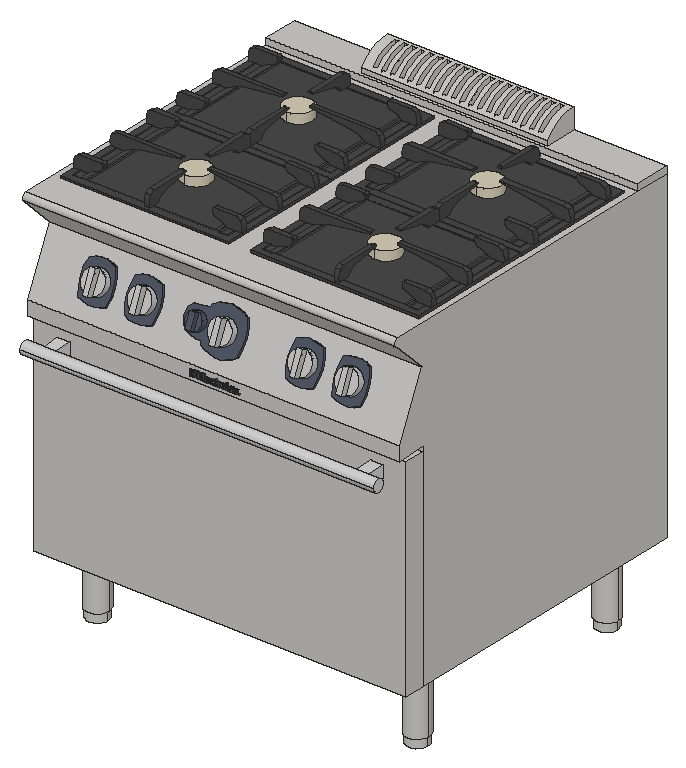
Revit family "QF_ELECTROLUXPROFESSIONAL_371168_E7GCGH4CGA", category Specialty Equipment, Revit 2018
Family settings
  Round Connector Dimension = Use Diameter
  Part Type = Normal
  Work Plane-Based = No
  Always vertical = Yes
  Cut with Voids When Loaded = No
  Shared = No
  Room Calculation Point = No
Parameters (values of type "Standard")
  Weight = 80.00 kg
  Watts = 0 W
  Volts = 0 V
  URL Manufacturer = "http://professional.electrolux.com"
  URL = "http://professional.electrolux.com"
  Steam Supply Size = 0"
  Steam Supply Minimum Pressure = 0.00 psi
  Steam Supply Maximum Pressure = 0.00 psi
  Steam Pounds per Hour = 0
  Show Logo [instance] = yes
  Show Clearance [instance] = yes
  Refrigeration Suction Line Size = 0 mm
  Refrigeration Liquid Line Size = 0 mm
  Refrigerant Compressor Remote = yes
  Phase = 0
  Model = "E7GCGH4CGA"
  Manufacturer = "Electrolux Professional"
  Length Actual = 800 mm  # constant formula
  Item Number = "371168"
  Hot Water Size = 0"
  Height Actual = 850 mm  # constant formula
  HP = "0 HP"
  Gas Size = 1/2"
  Gas KW = 28
  Gas Input Pressure = 0.938315 Btu/h
  Direct Waste Size = 0"
  Description = "4-BURNER GAS RANGE+GAS OVEN 800 MM (AGA)"
  Depth Actual = 730 mm  # constant formula
  Cycle = 0 Hz
  Condensate Return Size = 0"
  Compressed Air Volume = 0 GPM
  Compressed Air Size = 0"
  Compressed Air Pressure = 0.00 psi
  Cold Water Size = 0"
  Assembly Code = ""
  Accessory = yes
Reference planes
  plane 1 "BACK": y = 0
  plane 2: z = 0
  plane 3 "LEFT": x = 0
  plane 4 "RIGHT": x = 800
  plane 5 "FRONT": y = -700
  plane 6 "TOP": z = 908.9
  plane 7 "Center Y": x = 400
  plane 8 "Center X": y = -350
  plane 9 "Base": z = 150
  plane 10: z = 850.9
  plane 11: y = -730.129
  plane 12: y = -1109
Forms (mm)
  Revolve 1, solid, material "QF_Finishes_Stainless Steel"
    sketch origin (1, -90, 0) x (1, 0, 0) y (0, 0, 1)
      loop
        line (55, 0) -> (55, 150) -> (29.6, 150) -> (29.6, 19.05) -> (32.1, 19.05) -> (32.1, 0) -> (55, 0)
      axis (55, 0) -> (55, 150)
    angle from 0 to 360
  Revolve 2, solid, material "QF_Finishes_Stainless Steel"
    sketch origin (1, -599.588, 0) x (1, 0, 0) y (0, 0, 1)
      loop
        line (55, 0) -> (55, 150) -> (29.6, 150) -> (29.6, 19.05) -> (32.1, 19.05) -> (32.1, 0) -> (55, 0)
      axis (55, 0) -> (55, 150)
    angle from 0 to 360
  Revolve 3, solid, material "QF_Finishes_Stainless Steel"
    sketch origin (799, -90, 0) x (-1, 0, 0) y (0, 0, -1)
      loop
        line (55, 0) -> (32.1, 0) -> (32.1, -19.05) -> (29.6, -19.05) -> (29.6, -150) -> (55, -150) -> (55, 0)
      axis (55, 0) -> (55, -150)
    angle from 0 to 360
  Revolve 4, solid, material "QF_Finishes_Stainless Steel"
    sketch origin (799, -599.588, 0) x (-1, 0, 0) y (0, 0, -1)
      loop
        line (55, 0) -> (32.1, 0) -> (32.1, -19.05) -> (29.6, -19.05) -> (29.6, -150) -> (55, -150) -> (55, 0)
      axis (55, 0) -> (55, -150)
    angle from 0 to 360
  Extrusion 5, solid, material "QF_Finishes_Stainless Steel"
    sketch origin (0, 0, 576.213) x (0, 1, 0) y (0, 0, 1)
      loop
        line (0, -426.213) -> (0, 274.687) -> (-721.5, 274.687)
        arc (-721.5, 274.687) -> (-729.472, 269.36) -> (-727.602, 259.956) r 8.63
        line (-727.602, 259.956) -> (-658.266, 190.62) -> (-715.962, 65.264) -> (-715.962, 33.966) -> (-655.839, 38.662)
        arc (-655.839, 38.662) -> (-653.314, 37.914) -> (-652.222, 35.518) r 3.175
        line (-652.222, 35.518) -> (-652.222, -426.213) -> (0, -426.213)
    from 0 to 800
  Extrusion 6, solid, material "QF_Finishes_Stainless Steel"
    sketch origin (0, -652.222, 611.731) x (0, 0, -1) y (1, 0, 0)
      loop
        line (461.731, 0) -> (461.731, 800) -> (9.61, 800) -> (9.61, 0) -> (461.731, 0)
    from 3.175 to 47.778
  Extrusion 7, solid, material "QF_Finishes_Handrails and Railings"
    sketch origin (0, 0, 0) x (0, 1, 0) y (0, 0, 1)
      loop
        line (-700, 580.001) -> (-738.678, 577.296)
        arc (-738.678, 577.296) -> (-739.871, 563.489) -> (-752.981, 558.993) r 12.7
        arc (-752.981, 558.993) -> (-752.44, 558.176) -> (-751.841, 557.401) r 13.441
        arc (-751.841, 557.401) -> (-750.036, 555.955) -> (-747.808, 555.335) r 5.77
        line (-747.808, 555.335) -> (-700, 551.992) -> (-700, 580.001)
    from 50.8 to 76.2
  Extrusion 8, solid, material "QF_Finishes_Handrails and Railings"
    sketch origin (800, 0, 0) x (0, 1, 0) y (0, 0, -1)
      loop
        line (-700, -580.001) -> (-700, -551.992) -> (-747.808, -555.335)
        arc (-747.808, -555.335) -> (-750.036, -555.955) -> (-751.841, -557.401) r 5.77
        arc (-751.841, -557.401) -> (-752.44, -558.176) -> (-752.981, -558.993) r 13.441
        arc (-752.981, -558.993) -> (-739.871, -563.489) -> (-738.678, -577.296) r 12.7
        line (-738.678, -577.296) -> (-700, -580.001)
    from 50.8 to 76.2
  Extrusion 9, solid, material "QF_Finishes_Handrails and Railings"
    sketch origin (0, 0, 0) x (0, 1, 0) y (0, 0, 1)
      loop
        circle (-749.878, 571.309) r 12.7
    from 19.875 to 780.125
  Extrusion 10, solid, material "QF_Finishes_Stainless Steel"
    sketch origin (0, 0, 576.213) x (0, 1, 0) y (0, 0, 1)
      loop
        line (0, 274.687) -> (0, 288.975) -> (-76.2, 288.975) -> (-76.2, 274.687) -> (0, 274.687)
    from 0 to 800
  Extrusion 11, solid, material "QF_Finishes_Navy Blue"
    sketch origin (7.744, -713.772, 646.186) x (0, 0.418102, 0.9084) y (-1, 0, 0)
      loop
        arc (102.623, -190.47) -> (67.041, -182.846) -> (31.333, -189.853) r 90.5
        arc (31.333, -189.853) -> (24.507, -219.04) -> (31.333, -248.228) r 65.817
        arc (31.333, -248.228) -> (67.04, -255.188) -> (102.623, -247.615) r 91.066
        arc (102.623, -247.615) -> (109.179, -219.043) -> (102.623, -190.47) r 65.546
      loop
        arc (102.623, -90.47) -> (67.041, -82.846) -> (31.333, -89.853) r 90.5
        arc (31.333, -89.853) -> (24.507, -119.04) -> (31.333, -148.228) r 65.817
        arc (31.333, -148.228) -> (67.04, -155.188) -> (102.623, -147.615) r 91.066
        arc (102.623, -147.615) -> (109.179, -119.043) -> (102.623, -90.47) r 65.546
      loop
        arc (102.623, -594.043) -> (109.179, -565.47) -> (102.623, -536.897) r 65.546
        arc (102.623, -536.897) -> (67.04, -529.324) -> (31.333, -536.284) r 91.066
        arc (31.333, -536.284) -> (24.507, -565.472) -> (31.333, -594.66) r 65.817
        arc (31.333, -594.66) -> (67.041, -601.667) -> (102.623, -594.043) r 90.5
      loop
        arc (102.623, -694.043) -> (109.179, -665.47) -> (102.623, -636.897) r 65.546
        arc (102.623, -636.897) -> (67.04, -629.324) -> (31.333, -636.284) r 91.066
        arc (31.333, -636.284) -> (24.507, -665.472) -> (31.333, -694.66) r 65.817
        arc (31.333, -694.66) -> (67.041, -701.667) -> (102.623, -694.043) r 90.5
    from 0 to 3.175
  Extrusion 12, solid, material "QF_Finishes_Stainless Steel"
    sketch origin (386.494, -717.485, 645.711) x (0, 0.418102, 0.9084) y (-1, 0, 0)
      loop
        circle (68.826, -13.506) r 25.4
      loop
        circle (68.826, 159.037) r 25.4
      loop
        circle (68.826, 259.037) r 25.4
      loop
        circle (68.826, -186.049) r 25.4
      loop
        circle (68.826, -286.049) r 25.4
    from 0 to 12.7
  Extrusion 13, solid, material "QF_Finishes_Navy Blue"
    sketch origin (-139.713, -713.772, 646.186) x (0, 0.418102, 0.9084) y (-1, 0, 0)
      loop
        arc (104.355, -502.587) -> (101.326, -501.258) -> (98.25, -500.039) r 91.066
        arc (98.25, -500.039) -> (96.592, -482.449) -> (93.213, -465.107) r 179.528
        arc (93.213, -465.107) -> (69.244, -452.795) -> (45.274, -465.107) r 29.489
        arc (45.274, -465.107) -> (38.909, -481.441) -> (37.449, -498.912) r 61.044
        arc (37.449, -498.912) -> (34.471, -499.962) -> (31.532, -501.116) r 91.066
        arc (31.532, -501.116) -> (19.517, -540.223) -> (32.929, -578.873) r 65.817
        arc (32.929, -578.873) -> (68.105, -585.173) -> (102.996, -577.452) r 91.066
        arc (102.996, -577.452) -> (115.418, -540.233) -> (104.355, -502.587) r 65.546
    from 0 to 3.175
  Extrusion 14, solid, material "QF_Finishes_Stainless Steel"
    sketch origin (239.037, -729.022, 651.021) x (0, 0.418102, 0.9084) y (-1, 0, 0)
      loop
        arc (93.558, -166.749) -> (94.226, -160.963) -> (93.558, -155.177) r 25.4
        line (93.558, -155.177) -> (44.094, -155.177)
        arc (44.094, -155.177) -> (43.426, -160.963) -> (44.094, -166.749) r 25.4
        line (44.094, -166.749) -> (93.558, -166.749)
    from 0 to 12.7
  Extrusion 15, solid, material "QF_Finishes_Navy Blue"
    sketch origin (181.537, -717.485, 645.711) x (0, 0.418102, 0.9084) y (-1, 0, 0)
      loop
        circle (68.826, -160.963) r 18.37
    from 0 to 12.7
  Extrusion 16, solid, material "QF_Finishes_Navy Blue"
    sketch origin (180.246, -729.022, 651.021) x (0, 0.418102, 0.9084) y (-1, 0, 0)
      loop
        arc (84.808, -167.687) -> (85.476, -161.901) -> (84.808, -156.114) r 25.4
        line (84.808, -156.114) -> (52.844, -156.114)
        arc (52.844, -156.114) -> (52.176, -161.901) -> (52.844, -167.687) r 25.4
        line (52.844, -167.687) -> (84.808, -167.687)
    from 0 to 8.112
  Extrusion 17, solid, material "QF_Finishes_Stainless Steel"
    sketch origin (0, 0, 150) x (-1, 0, 0) y (0, -1, 0)
      loop
        circle (-747.612, 464) r 6.35
    from -8.815 to 7.722
  Extrusion 18, solid, material "QF_Finishes_Door Clearance", visible <- "Show Clearance", detail levels coarse
    sketch origin (0, 0, 0) x (0, 1, 0) y (0, 0, 1)
      loop
        line (-1109, 150) -> (-700, 150) -> (-700, 601.405)
        arc (-700, 601.405) -> (-991.543, 454.568) -> (-1109, 150) r 453.603
    from 0 to 800
  Extrusion 19, solid, material "QF_Finishes_Clearance", visible <- "Show Clearance", detail levels coarse
    sketch origin (0, 0, 0) x (1, 0, 0) y (0, 1, 0)
      loop
        line (-150, -730.129) -> (0, -730.129) -> (0, 0) -> (800, 0) -> (800, -730.129) -> (950, -730.129) -> (950, 150) -> (-150, 150) -> (-150, -730.129)
    from 0 to 908.85
  Extrusion 20, solid, material "QF_Finishes_Stainless Steel"
    sketch origin (66.494, -729.022, 651.021) x (0, 0.418102, 0.9084) y (-1, 0, 0)
      loop
        arc (93.558, -166.749) -> (94.226, -160.963) -> (93.558, -155.177) r 25.4
        line (93.558, -155.177) -> (44.094, -155.177)
        arc (44.094, -155.177) -> (43.426, -160.963) -> (44.094, -166.749) r 25.4
        line (44.094, -166.749) -> (93.558, -166.749)
    from 0 to 12.7
  Extrusion 21, solid, material "QF_Finishes_Stainless Steel"
    sketch origin (-33.506, -729.022, 651.021) x (0, 0.418102, 0.9084) y (-1, 0, 0)
      loop
        arc (93.558, -166.749) -> (94.226, -160.963) -> (93.558, -155.177) r 25.4
        line (93.558, -155.177) -> (44.094, -155.177)
        arc (44.094, -155.177) -> (43.426, -160.963) -> (44.094, -166.749) r 25.4
        line (44.094, -166.749) -> (93.558, -166.749)
    from 0 to 12.7
  Extrusion 22, void
    sketch origin (-65.011, 0, 865.138) x (-1, 0, 0) y (0, -1, 0)
      loop
        line (-295.005, 6.761) -> (-285.709, 6.761) -> (-285.709, 63.911) -> (-295.005, 63.911) -> (-295.005, 6.761)
      loop
        line (-313.697, 6.761) -> (-304.401, 6.761) -> (-304.401, 63.911) -> (-313.697, 63.911) -> (-313.697, 6.761)
      loop
        line (-332.39, 6.761) -> (-323.094, 6.761) -> (-323.094, 63.911) -> (-332.39, 63.911) -> (-332.39, 6.761)
      loop
        line (-351.082, 6.761) -> (-341.787, 6.761) -> (-341.787, 63.911) -> (-351.082, 63.911) -> (-351.082, 6.761)
      loop
        line (-369.775, 6.761) -> (-360.479, 6.761) -> (-360.479, 63.911) -> (-369.775, 63.911) -> (-369.775, 6.761)
      loop
        line (-388.468, 6.761) -> (-379.172, 6.761) -> (-379.172, 63.911) -> (-388.468, 63.911) -> (-388.468, 6.761)
      loop
        line (-407.16, 6.761) -> (-397.864, 6.761) -> (-397.864, 63.911) -> (-407.16, 63.911) -> (-407.16, 6.761)
      loop
        line (-425.853, 6.761) -> (-416.557, 6.761) -> (-416.557, 63.911) -> (-425.853, 63.911) -> (-425.853, 6.761)
      loop
        line (-444.545, 6.761) -> (-435.25, 6.761) -> (-435.25, 63.911) -> (-444.545, 63.911) -> (-444.545, 6.761)
      loop
        line (-463.238, 6.761) -> (-453.942, 6.761) -> (-453.942, 63.911) -> (-463.238, 63.911) -> (-463.238, 6.761)
      loop
        line (-481.931, 6.761) -> (-472.635, 6.761) -> (-472.635, 63.911) -> (-481.931, 63.911) -> (-481.931, 6.761)
      loop
        line (-500.623, 6.761) -> (-491.328, 6.761) -> (-491.328, 63.911) -> (-500.623, 63.911) -> (-500.623, 6.761)
      loop
        line (-519.316, 6.761) -> (-510.02, 6.761) -> (-510.02, 63.911) -> (-519.316, 63.911) -> (-519.316, 6.761)
      loop
        line (-538.008, 6.761) -> (-528.713, 6.761) -> (-528.713, 63.911) -> (-538.008, 63.911) -> (-538.008, 6.761)
      loop
        line (-556.701, 6.761) -> (-547.405, 6.761) -> (-547.405, 63.911) -> (-556.701, 63.911) -> (-556.701, 6.761)
      loop
        line (-575.394, 6.761) -> (-566.098, 6.761) -> (-566.098, 63.911) -> (-575.394, 63.911) -> (-575.394, 6.761)
      loop
        line (-594.086, 6.761) -> (-584.791, 6.761) -> (-584.791, 63.911) -> (-594.086, 63.911) -> (-594.086, 6.761)
      loop
        line (-612.779, 6.761) -> (-603.483, 6.761) -> (-603.483, 63.911) -> (-612.779, 63.911) -> (-612.779, 6.761)
      loop
        line (-631.472, 6.761) -> (-622.176, 6.761) -> (-622.176, 63.911) -> (-631.472, 63.911) -> (-631.472, 6.761)
      loop
        line (-650.164, 6.761) -> (-640.868, 6.761) -> (-640.868, 63.911) -> (-650.164, 63.911) -> (-650.164, 6.761)
    from 9.525 to 45.348
  Extrusion 23, solid, material "QF_Finishes_Stainless Steel"
    sketch origin (-200, 0, 590.5) x (0, 1, 0) y (0, 0, 1)
      loop
        line (0, 274.688) -> (0, 318.4)
        arc (0, 318.4) -> (-39.072, 309.779) -> (-69.85, 284.212) r 84.854
        line (-69.85, 284.212) -> (-69.85, 274.688) -> (0, 274.688)
    from 400 to 800
  Extrusion 24, solid, material "QF_Finishes_Stainless Steel"
    sketch origin (733.506, -729.022, 651.021) x (0, 0.418102, 0.9084) y (-1, 0, 0)
      loop
        line (93.558, 166.749) -> (44.094, 166.749)
        arc (44.094, 166.749) -> (43.426, 160.963) -> (44.094, 155.177) r 25.4
        line (44.094, 155.177) -> (93.558, 155.177)
        arc (93.558, 155.177) -> (94.226, 160.963) -> (93.558, 166.749) r 25.4
    from 0 to 12.7
  Extrusion 25, solid, material "QF_Finishes_Stainless Steel"
    sketch origin (833.506, -729.022, 651.021) x (0, 0.418102, 0.9084) y (-1, 0, 0)
      loop
        line (93.558, 166.749) -> (44.094, 166.749)
        arc (44.094, 166.749) -> (43.426, 160.963) -> (44.094, 155.177) r 25.4
        line (44.094, 155.177) -> (93.558, 155.177)
        arc (93.558, 155.177) -> (94.226, 160.963) -> (93.558, 166.749) r 25.4
    from 0 to 12.7
  Extrusion 26, solid, material "QF_Finishes_Navy Blue", visible <- "Show Logo"
    sketch origin (61.109, -715.962, 610.773) x (0, 0, 1) y (-1, 0, 0)
      loop
        line (20.674, -296.698) -> (8.307, -296.698)
        arc (8.307, -296.698) -> (14.491, -301.27) -> (20.674, -296.698) r 6.467
      loop
        arc (20.674, -296.069) -> (19.505, -290.926) -> (14.849, -288.448) r 6.338
        line (14.849, -288.448) -> (14.849, -290.494)
        arc (14.849, -290.494) -> (16.333, -294.149) -> (19.778, -296.069) r 5.941
        line (19.778, -296.069) -> (20.674, -296.069)
      loop
        arc (9.203, -296.069) -> (12.648, -294.149) -> (14.132, -290.494) r 5.941
        line (14.132, -290.494) -> (14.132, -288.448)
        arc (14.132, -288.448) -> (9.438, -290.922) -> (8.148, -296.069) r 6.504
        line (8.148, -296.069) -> (9.203, -296.069)
      loop
        line (21.349, -287.979) -> (7.604, -287.979) -> (7.604, -301.742) -> (21.349, -301.742) -> (21.349, -287.979)
      loop
        arc (21.432, -304.71) -> (21.085, -304.352) -> (20.718, -304.69) r 0.358
        arc (20.718, -304.69) -> (20.404, -305.44) -> (19.687, -305.825) r 1.216
        line (19.687, -305.825) -> (9.274, -305.825)
        arc (9.274, -305.825) -> (8.614, -305.548) -> (8.218, -304.951) r 1.238
        arc (8.218, -304.951) -> (7.823, -304.7) -> (7.518, -305.054) r 0.358
        line (7.518, -305.054) -> (7.518, -314.933) -> (10.269, -314.933) -> (10.269, -314.036)
        arc (10.269, -314.036) -> (9.36, -313.456) -> (8.904, -312.479) r 1.928
        line (8.904, -312.479) -> (8.904, -309.98)
        arc (8.904, -309.98) -> (9.18, -309.251) -> (9.868, -308.887) r 1.101
        line (9.868, -308.887) -> (13.955, -308.887) -> (13.955, -312.561)
        arc (13.955, -312.561) -> (13.602, -313.058) -> (13.037, -313.286) r 1.083
        arc (13.037, -313.286) -> (12.773, -313.591) -> (13.065, -313.869) r 0.292
        line (13.065, -313.869) -> (16.028, -313.869)
        arc (16.028, -313.869) -> (16.33, -313.596) -> (16.092, -313.266) r 0.305
        arc (16.092, -313.266) -> (15.601, -313.018) -> (15.296, -312.561) r 1.083
        line (15.296, -312.561) -> (15.296, -308.887) -> (19.973, -308.887) -> (19.973, -312.635)
        arc (19.973, -312.635) -> (19.759, -313.39) -> (19.153, -313.888) r 1.314
        arc (19.153, -313.888) -> (18.934, -314.292) -> (19.288, -314.585) r 0.361
        line (19.288, -314.585) -> (21.432, -314.585) -> (21.432, -304.71)
      loop
        arc (20.715, -315.365) -> (20.335, -316.284) -> (19.416, -316.664) r 1.299
        line (19.416, -316.664) -> (9.837, -316.664)
        arc (9.837, -316.664) -> (8.999, -316.286) -> (8.728, -315.408) r 1.118
        line (8.728, -315.408) -> (7.518, -315.408) -> (7.518, -320.758) -> (8.706, -320.758)
        arc (8.706, -320.758) -> (8.978, -319.841) -> (9.848, -319.445) r 1.153
        line (9.848, -319.445) -> (21.92, -319.445) -> (20.715, -315.365)
      loop
        line (12.483, -323.394) -> (12.483, -329.842) -> (13.282, -329.842)
        arc (13.282, -329.842) -> (15.862, -328.857) -> (17.131, -326.404) r 3.874
        line (17.131, -326.404) -> (17.131, -324.643)
        arc (17.131, -324.643) -> (15.944, -321.778) -> (13.08, -320.592) r 4.051
        line (13.08, -320.592) -> (11.072, -320.592)
        arc (11.072, -320.592) -> (8.253, -322.077) -> (7.202, -325.084) r 4.352
        arc (7.202, -325.084) -> (7.566, -327.547) -> (8.943, -329.621) r 5.713
        line (8.943, -329.621) -> (9.892, -329.621)
        arc (9.892, -329.621) -> (9.16, -328.052) -> (8.943, -326.334) r 5.579
        arc (8.943, -326.334) -> (9.737, -324.371) -> (11.616, -323.394) r 3.057
        line (11.616, -323.394) -> (12.483, -323.394)
      loop
        line (13.742, -323.394) -> (13.742, -326.977)
        arc (13.742, -326.977) -> (15.199, -327.024) -> (16.082, -325.864) r 1.59
        line (16.082, -325.864) -> (16.082, -325.034)
        arc (16.082, -325.034) -> (15.217, -323.779) -> (13.742, -323.394) r 2.184
      loop
        arc (16.533, -339.259) -> (17.022, -337.585) -> (17.179, -335.848) r 9.023
        line (17.179, -335.848) -> (17.179, -334.486)
        arc (17.179, -334.486) -> (16.02, -331.686) -> (13.22, -330.527) r 3.959
        line (13.22, -330.527) -> (10.62, -330.527)
        arc (10.62, -330.527) -> (8.338, -331.819) -> (7.221, -334.192) r 4.331
        line (7.221, -334.192) -> (7.221, -336.327)
        arc (7.221, -336.327) -> (7.729, -337.877) -> (8.651, -339.223) r 5.772
        arc (8.651, -339.223) -> (9.412, -339.274) -> (9.499, -338.515) r 0.553
        arc (9.499, -338.515) -> (9.111, -337.781) -> (8.977, -336.962) r 2.573
        line (8.977, -336.962) -> (8.977, -335.447)
        arc (8.977, -335.447) -> (9.983, -333.806) -> (11.798, -333.163) r 2.884
        line (11.798, -333.163) -> (13.077, -333.163)
        arc (13.077, -333.163) -> (14.898, -333.723) -> (15.824, -335.388) r 2.554
        line (15.824, -335.388) -> (15.824, -336.441)
        arc (15.824, -336.441) -> (15.493, -337.369) -> (14.836, -338.104) r 2.564
        arc (14.836, -338.104) -> (14.614, -338.821) -> (15.223, -339.259) r 0.643
        line (15.223, -339.259) -> (16.533, -339.259)
      loop
        line (15.515, -339.53) -> (15.515, -341.031) -> (9.467, -341.031)
        arc (9.467, -341.031) -> (7.879, -341.688) -> (7.221, -343.276) r 2.246
        line (7.221, -343.276) -> (7.221, -344.86)
        arc (7.221, -344.86) -> (7.535, -345.725) -> (8.035, -346.496) r 4.06
        arc (8.035, -346.496) -> (8.768, -346.629) -> (9.019, -345.928) r 0.576
        arc (9.019, -345.928) -> (8.913, -345.403) -> (8.977, -344.87) r 1.69
        arc (8.977, -344.87) -> (9.519, -344.082) -> (10.425, -343.779) r 1.506
        line (10.425, -343.779) -> (15.563, -343.779) -> (15.563, -346.176) -> (16.119, -346.733) -> (16.941, -346.733) -> (16.941, -343.873) -> (20.172, -343.873) -> (15.515, -339.53)
      loop
        line (7.438, -347.63) -> (7.438, -353.017) -> (8.548, -353.017)
        arc (8.548, -353.017) -> (8.942, -352.066) -> (9.893, -351.672) r 1.345
        line (9.893, -351.672) -> (13.509, -351.672)
        arc (13.509, -351.672) -> (14.274, -352.264) -> (14.564, -353.186) r 1.615
        line (14.564, -353.186) -> (14.564, -354.742) -> (17.119, -355.427) -> (17.119, -354.044) -> (15.177, -351.485) -> (17.057, -351.485) -> (16.773, -348.779)
        arc (16.773, -348.779) -> (16.333, -348.249) -> (15.674, -348.45) r 0.621
        arc (15.674, -348.45) -> (15.274, -348.792) -> (14.78, -348.975) r 1.501
        line (14.78, -348.975) -> (9.893, -348.975)
        arc (9.893, -348.975) -> (8.942, -348.581) -> (8.548, -347.63) r 1.345
        line (8.548, -347.63) -> (7.438, -347.63)
      loop
        line (13.54, -354.964) -> (10.848, -354.964)
        arc (10.848, -354.964) -> (8.403, -356.272) -> (7.269, -358.803) r 4.288
        arc (7.269, -358.803) -> (7.205, -360.183) -> (7.269, -361.563) r 15.022
        arc (7.269, -361.563) -> (8.403, -364.094) -> (10.848, -365.401) r 4.288
        line (10.848, -365.401) -> (13.54, -365.401)
        arc (13.54, -365.401) -> (15.986, -364.094) -> (17.119, -361.563) r 4.288
        arc (17.119, -361.563) -> (17.183, -360.183) -> (17.119, -358.803) r 15.022
        arc (17.119, -358.803) -> (15.986, -356.272) -> (13.54, -354.964) r 4.288
      loop
        line (13.745, -358.078) -> (10.643, -358.078)
        arc (10.643, -358.078) -> (8.486, -360.235) -> (10.643, -362.392) r 2.157
        line (10.643, -362.392) -> (13.745, -362.392)
        arc (13.745, -362.392) -> (15.902, -360.235) -> (13.745, -358.078) r 2.157
      loop
        arc (20.726, -365.26) -> (20.355, -366.154) -> (19.461, -366.524) r 1.264
        line (19.461, -366.524) -> (9.597, -366.524)
        arc (9.597, -366.524) -> (8.727, -366.127) -> (8.455, -365.211) r 1.153
        line (8.455, -365.211) -> (7.518, -365.211) -> (7.518, -370.319) -> (8.446, -370.319)
        arc (8.446, -370.319) -> (8.805, -369.547) -> (9.597, -369.232) r 1.153
        line (9.597, -369.232) -> (21.92, -369.232) -> (20.726, -365.26)
      loop
        arc (15.846, -369.857) -> (15.647, -370.921) -> (14.678, -371.403) r 1.215
        line (14.678, -371.403) -> (9.658, -371.403)
        arc (9.658, -371.403) -> (8.043, -372.051) -> (7.322, -373.634) r 2.338
        line (7.322, -373.634) -> (7.322, -375.148)
        arc (7.322, -375.148) -> (7.497, -376.152) -> (7.999, -377.038) r 2.979
        line (7.999, -377.038) -> (7.518, -378.835) -> (7.518, -380.524) -> (16.943, -380.524) -> (16.649, -376.32) -> (15.863, -376.32)
        arc (15.863, -376.32) -> (15.507, -377.156) -> (14.755, -377.665) r 1.605
        line (14.755, -377.665) -> (9.652, -377.665)
        arc (9.652, -377.665) -> (9.232, -376.728) -> (9.159, -375.704) r 2.94
        arc (9.159, -375.704) -> (9.72, -374.603) -> (10.873, -374.16) r 1.724
        line (10.873, -374.16) -> (17.07, -374.16) -> (15.846, -369.857)
      loop
        line (16.874, -381.377) -> (15.202, -383.423) -> (12.028, -385.729) -> (8.572, -382.617)
        arc (8.572, -382.617) -> (8.335, -382.223) -> (8.357, -381.764) r 0.789
        line (8.357, -381.764) -> (7.518, -381.764) -> (7.518, -385.309) -> (8.344, -385.309)
        arc (8.344, -385.309) -> (8.686, -384.947) -> (9.176, -385.039) r 0.52
        line (9.176, -385.039) -> (10.976, -386.51) -> (8.858, -387.886)
        arc (8.858, -387.886) -> (8.457, -387.576) -> (8.37, -387.076) r 0.7
        line (8.37, -387.076) -> (7.518, -387.076) -> (7.518, -393.003) -> (8.405, -393.003)
        arc (8.405, -393.003) -> (8.472, -392.344) -> (8.866, -391.813) r 1.247
        line (8.866, -391.813) -> (13.066, -388.532) -> (15.513, -390.585) -> (16.874, -392.327) -> (16.874, -388.604) -> (15.389, -389.026) -> (13.868, -387.749) -> (15.568, -386.559) -> (16.874, -387.336) -> (16.874, -381.377)
    from 0 to 1.644
Cuts and joins
  Extrusion 22 cuts Extrusion 19
  Extrusion 22 cuts Extrusion 23
Lines and regions (mm)
  symbolic lines, style "QF-Door Swings"
    curve 1: line (0, -730.129, 150) -> (0, -1109, 150)
    curve 2: line (0, -1109, 150) -> (800, -1109, 150)
    curve 3: line (800, -1109, 150) -> (800, -730.129, 150)
  symbolic lines
    curve 4: line (800, -730.129, 150) -> (0, -730.129, 150)
    curve 5: line (0, 0, 150) -> (0, -730.129, 150)
    curve 6: line (0, -69.85, 150) -> (800, -69.85, 150)
    curve 7: line (0, -76.2, 150) -> (800, -76.2, 150)
    curve 8: line (800, -730.129, 150) -> (800, 0, 150)
    curve 9: line (0, 0, 150) -> (800, 0, 150)
    curve 13: line (50.8, -738.678, 150) -> (50.8, -730.129, 150)
    curve 14: line (76.2, -730.129, 150) -> (76.2, -738.678, 150)
    curve 15: line (19.875, -737.178, 150) -> (50.8, -737.178, 150)
    curve 16: line (19.875, -762.578, 150) -> (19.875, -737.178, 150)
    curve 17: line (780.125, -762.578, 150) -> (19.875, -762.578, 150)
    curve 18: line (780.125, -737.178, 150) -> (780.125, -762.578, 150)
    curve 19: line (749.2, -738.678, 150) -> (749.2, -730.129, 150)
    curve 20: line (723.8, -738.678, 150) -> (723.8, -730.129, 150)
    curve 21: line (723.8, -738.678, 150) -> (749.2, -738.678, 150)
    curve 22: line (50.8, -738.678, 150) -> (76.2, -738.678, 150)
    curve 23: line (76.2, -737.178, 150) -> (723.8, -737.178, 150)
    curve 24: line (749.2, -737.178, 150) -> (780.125, -737.178, 150)
    curve 25: line (229.994, -6.761, 150) -> (229.994, -63.911, 150)
    curve 26: line (229.994, -63.911, 150) -> (220.698, -63.911, 150)
    curve 27: line (220.698, -63.911, 150) -> (220.698, -6.761, 150)
    curve 28: line (220.698, -6.761, 150) -> (229.994, -6.761, 150)
    curve 29: line (435.612, -6.761, 150) -> (435.612, -63.911, 150)
    curve 30: line (435.612, -63.911, 150) -> (426.317, -63.911, 150)
    curve 31: line (426.317, -63.911, 150) -> (426.317, -6.761, 150)
    curve 32: line (426.317, -6.761, 150) -> (435.612, -6.761, 150)
    curve 33: line (416.92, -6.761, 150) -> (416.92, -63.911, 150)
    curve 34: line (416.92, -63.911, 150) -> (407.624, -63.911, 150)
    curve 35: line (407.624, -63.911, 150) -> (407.624, -6.761, 150)
    curve 36: line (407.624, -6.761, 150) -> (416.92, -6.761, 150)
    curve 37: line (398.227, -6.761, 150) -> (398.227, -63.911, 150)
    curve 38: line (398.227, -63.911, 150) -> (388.931, -63.911, 150)
    curve 39: line (388.931, -63.911, 150) -> (388.931, -6.761, 150)
    curve 40: line (388.931, -6.761, 150) -> (398.227, -6.761, 150)
    curve 41: line (379.534, -6.761, 150) -> (379.534, -63.911, 150)
    curve 42: line (379.534, -63.911, 150) -> (370.239, -63.911, 150)
    curve 43: line (370.239, -63.911, 150) -> (370.239, -6.761, 150)
    curve 44: line (370.239, -6.761, 150) -> (379.534, -6.761, 150)
    curve 45: line (360.842, -6.761, 150) -> (360.842, -63.911, 150)
    curve 46: line (360.842, -63.911, 150) -> (351.546, -63.911, 150)
    curve 47: line (351.546, -63.911, 150) -> (351.546, -6.761, 150)
    curve 48: line (351.546, -6.761, 150) -> (360.842, -6.761, 150)
    curve 49: line (342.149, -6.761, 150) -> (342.149, -63.911, 150)
    curve 50: line (342.149, -63.911, 150) -> (332.854, -63.911, 150)
    curve 51: line (332.854, -63.911, 150) -> (332.854, -6.761, 150)
    curve 52: line (332.854, -6.761, 150) -> (342.149, -6.761, 150)
    curve 53: line (323.457, -6.761, 150) -> (323.457, -63.911, 150)
    curve 54: line (323.457, -63.911, 150) -> (314.161, -63.911, 150)
    curve 55: line (314.161, -63.911, 150) -> (314.161, -6.761, 150)
    curve 56: line (314.161, -6.761, 150) -> (323.457, -6.761, 150)
    curve 57: line (304.764, -6.761, 150) -> (304.764, -63.911, 150)
    curve 58: line (304.764, -63.911, 150) -> (295.468, -63.911, 150)
    curve 59: line (295.468, -63.911, 150) -> (295.468, -6.761, 150)
    curve 60: line (295.468, -6.761, 150) -> (304.764, -6.761, 150)
    curve 61: line (286.071, -6.761, 150) -> (286.071, -63.911, 150)
    curve 62: line (286.071, -63.911, 150) -> (276.776, -63.911, 150)
    curve 63: line (276.776, -63.911, 150) -> (276.776, -6.761, 150)
    curve 64: line (276.776, -6.761, 150) -> (286.071, -6.761, 150)
    curve 65: line (267.379, -6.761, 150) -> (267.379, -63.911, 150)
    curve 66: line (267.379, -63.911, 150) -> (258.083, -63.911, 150)
    curve 67: line (258.083, -63.911, 150) -> (258.083, -6.761, 150)
    curve 68: line (258.083, -6.761, 150) -> (267.379, -6.761, 150)
    curve 69: line (248.686, -6.761, 150) -> (248.686, -63.911, 150)
    curve 70: line (248.686, -63.911, 150) -> (239.39, -63.911, 150)
    curve 71: line (239.39, -63.911, 150) -> (239.39, -6.761, 150)
    curve 72: line (239.39, -6.761, 150) -> (248.686, -6.761, 150)
    curve 73: line (585.153, -6.761, 150) -> (585.153, -63.911, 150)
    curve 74: line (585.153, -63.911, 150) -> (575.857, -63.911, 150)
    curve 75: line (575.857, -63.911, 150) -> (575.857, -6.761, 150)
    curve 76: line (575.857, -6.761, 150) -> (585.153, -6.761, 150)
    curve 77: line (566.461, -6.761, 150) -> (566.461, -63.911, 150)
    curve 78: line (566.461, -63.911, 150) -> (557.165, -63.911, 150)
    curve 79: line (557.165, -63.911, 150) -> (557.165, -6.761, 150)
    curve 80: line (557.165, -6.761, 150) -> (566.461, -6.761, 150)
    curve 81: line (547.768, -6.761, 150) -> (547.768, -63.911, 150)
    curve 82: line (547.768, -63.911, 150) -> (538.472, -63.911, 150)
    curve 83: line (538.472, -63.911, 150) -> (538.472, -6.761, 150)
    curve 84: line (538.472, -6.761, 150) -> (547.768, -6.761, 150)
    curve 85: line (529.075, -6.761, 150) -> (529.075, -63.911, 150)
    curve 86: line (529.075, -63.911, 150) -> (519.78, -63.911, 150)
    curve 87: line (519.78, -63.911, 150) -> (519.78, -6.761, 150)
    curve 88: line (519.78, -6.761, 150) -> (529.075, -6.761, 150)
    curve 89: line (510.383, -6.761, 150) -> (510.383, -63.911, 150)
    curve 90: line (510.383, -63.911, 150) -> (501.087, -63.911, 150)
    curve 91: line (501.087, -63.911, 150) -> (501.087, -6.761, 150)
    curve 92: line (501.087, -6.761, 150) -> (510.383, -6.761, 150)
    curve 93: line (491.69, -6.761, 150) -> (491.69, -63.911, 150)
    curve 94: line (491.69, -63.911, 150) -> (482.394, -63.911, 150)
    curve 95: line (482.394, -63.911, 150) -> (482.394, -6.761, 150)
    curve 96: line (482.394, -6.761, 150) -> (491.69, -6.761, 150)
    curve 97: line (472.998, -6.761, 150) -> (472.998, -63.911, 150)
    curve 98: line (472.998, -63.911, 150) -> (463.702, -63.911, 150)
    curve 99: line (463.702, -63.911, 150) -> (463.702, -6.761, 150)
    curve 100: line (463.702, -6.761, 150) -> (472.998, -6.761, 150)
    curve 101: line (454.305, -6.761, 150) -> (454.305, -63.911, 150)
    curve 102: line (454.305, -63.911, 150) -> (445.009, -63.911, 150)
    curve 103: line (445.009, -63.911, 150) -> (445.009, -6.761, 150)
    curve 104: line (445.009, -6.761, 150) -> (454.305, -6.761, 150)
    curve 105: line (200, -69.85, 150) -> (200, 0, 150)
    curve 106: line (600, -69.85, 150) -> (600, 0, 150)
  symbolic lines, style "QF-Clearances", visible <- "Show Clearance", detail levels coarse
    curve 10: line (-150, -730.129, 150) -> (-150, 150, 150)
    curve 11: line (-150, 150, 150) -> (950, 150, 150)
    curve 12: line (950, 150, 150) -> (950, -730.129, 150)
Dimensions and locks
  equal spacing: plane 3 "LEFT", plane 7 "Center Y", plane 4 "RIGHT"
  plane 3 "LEFT" to plane 4 "RIGHT" = 800 mm
  equal spacing: plane 5 "FRONT", plane 8 "Center X", plane 1 "BACK"
  plane 5 "FRONT" to plane 1 "BACK" = 700 mm
  plane 6 "TOP" to level = 908.9 mm
  plane 9 "Base" to level = 150 mm
  plane 6 "TOP" to plane 10 = 58 mm  (x2)
  plane 1 "BACK" to plane 11 = 730.129 mm
  plane 1 "BACK" to plane 12 = 1109 mm
  aligned and locked: level to plane 2
Automatic sketch dimensions
  Revolve 1 sketch curve to plane 9 "Base" = 0 mm  (x2)
  Revolve 1 sketch curve to level = 0 mm
  plane 3 "LEFT" to Revolve 1 sketch curve = 30.6 mm
  Revolve 1 sketch curve to Revolve 1 sketch curve = 2.5 mm
  Revolve 1 sketch curve to Revolve 1 sketch curve = 25.4 mm
  Revolve 1 sketch curve to Revolve 1 sketch curve = 0 mm
  level to Revolve 1 sketch curve = 19.05 mm
  plane 9 "Base" to Revolve 1 sketch curve = 20 mm
  Revolve 2 sketch curve to plane 9 "Base" = 0 mm  (x2)
  Revolve 2 sketch curve to level = 0 mm
  plane 3 "LEFT" to Revolve 2 sketch curve = 30.6 mm
  Revolve 2 sketch curve to Revolve 2 sketch curve = 2.5 mm
  Revolve 2 sketch curve to Revolve 2 sketch curve = 25.4 mm
  Revolve 2 sketch curve to Revolve 2 sketch curve = 0 mm
  level to Revolve 2 sketch curve = 19.05 mm
  plane 9 "Base" to Revolve 2 sketch curve = 20 mm
  Revolve 3 sketch curve to plane 9 "Base" = 0 mm  (x2)
  Revolve 3 sketch curve to level = 0 mm
  Revolve 3 sketch curve to plane 4 "RIGHT" = 30.6 mm
  Revolve 3 sketch curve to Revolve 3 sketch curve = 2.5 mm
  Revolve 3 sketch curve to Revolve 3 sketch curve = 25.4 mm
  Revolve 3 sketch curve to Revolve 3 sketch curve = 0 mm
  plane 9 "Base" to Revolve 3 sketch curve = 20 mm
  level to Revolve 3 sketch curve = 19.05 mm
  Revolve 4 sketch curve to plane 9 "Base" = 0 mm  (x2)
  Revolve 4 sketch curve to level = 0 mm
  Revolve 4 sketch curve to plane 4 "RIGHT" = 30.6 mm
  Revolve 4 sketch curve to Revolve 4 sketch curve = 2.5 mm
  Revolve 4 sketch curve to Revolve 4 sketch curve = 25.4 mm
  Revolve 4 sketch curve to Revolve 4 sketch curve = 0 mm
  plane 9 "Base" to Revolve 4 sketch curve = 20 mm
  level to Revolve 4 sketch curve = 19.05 mm
  Extrusion 5 sketch curve to plane 10 = 0 mm
  Extrusion 5 sketch curve to plane 9 "Base" = 0 mm
  Extrusion 5 sketch curve to plane 1 "BACK" = 0 mm
  Extrusion 5 sketch curve to plane 5 "FRONT" = 47.778 mm
  Extrusion 5 sketch curve to Extrusion 5 sketch curve = 3.175 mm
  Extrusion 5 sketch curve to Extrusion 5 sketch curve = 0.442 mm
  Extrusion 5 sketch curve to plane 5 "FRONT" = 41.734 mm
  Extrusion 5 sketch curve to plane 11 = 14.167 mm
  Extrusion 5 sketch curve to plane 11 = 8.63 mm
  Extrusion 5 sketch curve to plane 11 = 2.528 mm
  Extrusion 5 sketch curve to plane 10 = 240.721 mm
  Extrusion 5 sketch curve to Extrusion 5 sketch curve = 1.552 mm
  Extrusion 5 sketch curve to Extrusion 5 sketch curve = 31.298 mm
  Extrusion 5 sketch curve to plane 10 = 84.067 mm
  Extrusion 5 sketch curve to plane 10 = 14.732 mm
  Extrusion 6 sketch curve to Extrusion 5 = 0 mm  (x2)
  Extrusion 5 to Extrusion 6 sketch curve = 0 mm
  Extrusion 5 to Extrusion 6 sketch curve = 9.61 mm
  Extrusion 7 sketch curve to plane 5 "FRONT" = 0 mm
  plane 11 to Extrusion 7 sketch curve = 8.549 mm
  plane 11 to Extrusion 7 sketch curve = 11.379 mm
  Extrusion 7 sketch curve to Extrusion 7 sketch curve = 5.898 mm
  Extrusion 7 sketch curve to Extrusion 7 sketch curve = 0.402 mm
  Extrusion 7 sketch curve to Extrusion 7 sketch curve = 8.37 mm
  Extrusion 7 sketch curve to Extrusion 7 sketch curve = 4.033 mm
  Extrusion 7 sketch curve to Extrusion 7 sketch curve = 0 mm  (x2)
  Extrusion 7 sketch curve to Extrusion 7 sketch curve = 1.139 mm
  Extrusion 7 sketch curve to plane 10 = 298.908 mm
  Extrusion 7 sketch curve to Extrusion 7 sketch curve = 3.343 mm
  Extrusion 7 sketch curve to Extrusion 7 sketch curve = 2.066 mm
  Extrusion 7 sketch curve to Extrusion 7 sketch curve = 5.312 mm
  Extrusion 7 sketch curve to Extrusion 7 sketch curve = 28.009 mm
  Extrusion 8 sketch curve to plane 5 "FRONT" = 0 mm
  plane 11 to Extrusion 8 sketch curve = 8.549 mm
  plane 11 to Extrusion 8 sketch curve = 11.379 mm
  Extrusion 8 sketch curve to Extrusion 8 sketch curve = 5.898 mm
  Extrusion 8 sketch curve to Extrusion 8 sketch curve = 0.402 mm
  Extrusion 8 sketch curve to Extrusion 8 sketch curve = 8.37 mm
  Extrusion 8 sketch curve to Extrusion 8 sketch curve = 4.033 mm
  Extrusion 8 sketch curve to Extrusion 8 sketch curve = 0 mm  (x2)
  Extrusion 8 sketch curve to Extrusion 8 sketch curve = 1.139 mm
  Extrusion 8 sketch curve to plane 10 = 270.899 mm
  Extrusion 8 sketch curve to Extrusion 8 sketch curve = 2.705 mm
  Extrusion 8 sketch curve to Extrusion 8 sketch curve = 5.987 mm
  Extrusion 8 sketch curve to Extrusion 8 sketch curve = 5.312 mm
  Extrusion 8 sketch curve to Extrusion 8 sketch curve = 28.009 mm
  plane 11 to Extrusion 9 sketch curve = 19.749 mm
  Extrusion 9 sketch curve to plane 10 = 279.591 mm
  Extrusion 10 sketch curve to plane 10 = 0 mm
  Extrusion 10 sketch curve to plane 1 "BACK" = 0 mm
  plane 10 to Extrusion 10 sketch curve = 14.288 mm
  Extrusion 10 sketch curve to Extrusion 10 sketch curve = 76.2 mm
  Extrusion 11 sketch curve to plane 4 "RIGHT" = 155.972 mm
  Extrusion 11 sketch curve to Extrusion 11 sketch curve = 0 mm  (x9)
  plane 3 "LEFT" to Extrusion 11 sketch curve = 197.596 mm
  Extrusion 11 sketch curve to Extrusion 11 sketch curve = 12.3 mm  (x12)
  Extrusion 11 sketch curve to Extrusion 11 sketch curve = 34.925 mm  (x6)
  Extrusion 11 sketch curve to Extrusion 11 sketch curve = 46.691 mm  (x4)
  Extrusion 11 sketch curve to Extrusion 11 sketch curve = 0.613 mm
  Extrusion 11 sketch curve to Extrusion 11 sketch curve = 29.185 mm  (x2)
  Extrusion 11 sketch curve to Extrusion 11 sketch curve = 28.57 mm  (x2)
  Extrusion 11 sketch curve to Extrusion 11 sketch curve = 9.217 mm  (x2)
  Extrusion 11 sketch curve to Extrusion 11 sketch curve = 16.51 mm  (x2)
  Extrusion 11 sketch curve to Extrusion 11 sketch curve = 17.128 mm
  Extrusion 11 sketch curve to Extrusion 11 sketch curve = 83.49 mm
  Extrusion 11 sketch curve to Extrusion 11 sketch curve = 25.114 mm
  Extrusion 11 sketch curve to Extrusion 11 sketch curve = 28.575 mm
  Extrusion 11 sketch curve to Extrusion 11 sketch curve = 15.898 mm
  Extrusion 12 sketch curve to Extrusion 12 sketch curve = 0 mm  (x4)
  Extrusion 12 sketch curve to Extrusion 12 sketch curve = 100 mm  (x2)
  Extrusion 12 sketch curve to Extrusion 12 sketch curve = 172.543 mm  (x2)
  Extrusion 13 sketch curve to Extrusion 13 sketch curve = 0 mm  (x2)
  Extrusion 13 sketch curve to plane 7 "Center Y" = 31.641 mm
  Extrusion 13 sketch curve to plane 7 "Center Y" = 38.597 mm
  Extrusion 13 sketch curve to Extrusion 13 sketch curve = 112.63 mm
  plane 7 "Center Y" to Extrusion 13 sketch curve = 39.16 mm
  Extrusion 13 sketch curve to Extrusion 13 sketch curve = 1.398 mm
  Extrusion 13 sketch curve to Extrusion 13 sketch curve = 5.918 mm
  Extrusion 13 sketch curve to Extrusion 13 sketch curve = 7.825 mm
  Extrusion 13 sketch curve to plane 7 "Center Y" = 0.67 mm
  Extrusion 13 sketch curve to Extrusion 13 sketch curve = 12.433 mm
  Extrusion 13 sketch curve to Extrusion 13 sketch curve = 33.329 mm
  Extrusion 13 sketch curve to Extrusion 13 sketch curve = 28.808 mm
  Extrusion 13 sketch curve to Extrusion 13 sketch curve = 2.986 mm
  Extrusion 13 sketch curve to plane 7 "Center Y" = 0.673 mm
  Extrusion 13 sketch curve to Extrusion 13 sketch curve = 23.969 mm
  Extrusion 13 sketch curve to Extrusion 13 sketch curve = 31.993 mm
  Extrusion 13 sketch curve to Extrusion 13 sketch curve = 0.131 mm
  Extrusion 13 sketch curve to Extrusion 13 sketch curve = 36.738 mm
  Extrusion 13 sketch curve to Extrusion 13 sketch curve = 6.105 mm
  Extrusion 13 sketch curve to Extrusion 13 sketch curve = 6.427 mm
  Extrusion 13 sketch curve to Extrusion 13 sketch curve = 7.848 mm
  Extrusion 13 sketch curve to Extrusion 13 sketch curve = 11.842 mm
  Extrusion 14 sketch curve to Extrusion 14 sketch curve = 0 mm  (x2)
  Extrusion 14 sketch curve to plane 7 "Center Y" = 0 mm
  plane 7 "Center Y" to Extrusion 14 sketch curve = 5.786 mm
  Extrusion 14 sketch curve to plane 7 "Center Y" = 5.786 mm
  Extrusion 14 sketch curve to Extrusion 14 sketch curve = 24.732 mm  (x2)
  Extrusion 16 sketch curve to plane 7 "Center Y" = 52.067 mm
  Extrusion 16 sketch curve to Extrusion 16 sketch curve = 0 mm
  Extrusion 16 sketch curve to Extrusion 16 sketch curve = 7.232 mm  (x3)
  Extrusion 16 sketch curve to Extrusion 16 sketch curve = 17.5 mm
  Extrusion 16 sketch curve to Extrusion 16 sketch curve = 5.786 mm
  Extrusion 17 sketch curve to plane 4 "RIGHT" = 52.388 mm
  Extrusion 17 sketch curve to plane 8 "Center X" = 114 mm
  Extrusion 18 sketch curve to plane 9 "Base" = 0 mm
  Extrusion 18 sketch curve to plane 12 = 0 mm
  Extrusion 18 sketch curve to plane 5 "FRONT" = 0 mm
  Extrusion 18 sketch curve to Extrusion 18 sketch curve = 44.603 mm
  plane 11 to curve 12 = 0 mm
  curve 3 to plane 4 "RIGHT" = 0 mm
  plane 1 "BACK" to curve 9 = 0 mm
  curve 9 to plane 4 "RIGHT" = 0 mm
  plane 11 to curve 19 = 0 mm
  curve 1 to plane 3 "LEFT" = 0 mm
  curve 9 to plane 3 "LEFT" = 0 mm
  plane 11 to curve 10 = 0 mm
  plane 12 to curve 1 = 0 mm
  plane 4 "RIGHT" to curve 11 = 150 mm
  plane 11 to curve 18 = 7.049 mm
  curve 18 to plane 4 "RIGHT" = 19.875 mm
  curve 18 to curve 24 = 30.925 mm
  plane 11 to curve 23 = 7.049 mm
  curve 24 to curve 23 = 25.4 mm
  plane 1 "BACK" to curve 106 = 69.85 mm
  curve 106 to plane 4 "RIGHT" = 200 mm
  curve 106 to curve 73 = 14.847 mm
  curve 73 to curve 74 = 9.296 mm
  curve 74 to curve 78 = 9.397 mm
  curve 77 to curve 79 = 9.296 mm
  curve 78 to curve 81 = 9.397 mm
  curve 81 to curve 84 = 9.296 mm
  curve 82 to curve 86 = 9.397 mm
  curve 85 to curve 87 = 9.296 mm
  curve 86 to curve 90 = 9.397 mm
  curve 89 to curve 91 = 9.296 mm
  curve 90 to curve 93 = 9.397 mm
  curve 93 to curve 96 = 9.296 mm
  curve 94 to curve 98 = 9.397 mm
  curve 97 to curve 100 = 9.296 mm
  curve 99 to curve 104 = 9.397 mm
  curve 101 to curve 104 = 9.296 mm
  curve 103 to curve 29 = 9.397 mm
  curve 29 to curve 32 = 9.296 mm
  curve 31 to curve 33 = 9.397 mm
  plane 7 "Center Y" to curve 34 = 7.624 mm
  curve 37 to plane 7 "Center Y" = 1.773 mm
  curve 37 to curve 39 = 9.296 mm
  curve 39 to curve 44 = 9.397 mm
  curve 41 to curve 42 = 9.296 mm
  curve 42 to curve 45 = 9.397 mm
  curve 45 to curve 47 = 9.296 mm
  curve 47 to curve 49 = 9.397 mm
  curve 49 to curve 51 = 9.296 mm
  curve 51 to curve 53 = 9.397 mm
  curve 53 to curve 54 = 9.296 mm
  curve 55 to curve 57 = 9.397 mm
  curve 57 to curve 58 = 9.296 mm
  curve 59 to curve 64 = 9.397 mm
  curve 61 to curve 63 = 9.296 mm
  curve 63 to curve 65 = 9.397 mm
  curve 65 to curve 66 = 9.296 mm
  curve 67 to curve 72 = 9.397 mm
  curve 69 to curve 71 = 9.296 mm
  curve 71 to curve 28 = 9.397 mm
  curve 25 to curve 27 = 9.296 mm
  curve 27 to curve 105 = 20.698 mm
  plane 11 to curve 22 = 8.549 mm
  plane 3 "LEFT" to curve 22 = 76.2 mm
  plane 11 to curve 15 = 7.049 mm
  curve 23 to curve 15 = 25.4 mm
  plane 3 "LEFT" to curve 16 = 19.875 mm
  curve 11 to plane 3 "LEFT" = 150 mm
  curve 12 to plane 1 "BACK" = 150 mm
  plane 1 "BACK" to curve 101 = 6.761 mm
  plane 1 "BACK" to curve 81 = 6.761 mm
  plane 1 "BACK" to curve 100 = 6.761 mm
  plane 1 "BACK" to curve 80 = 6.761 mm
  plane 1 "BACK" to curve 96 = 6.761 mm
  plane 1 "BACK" to curve 76 = 6.761 mm
  plane 1 "BACK" to curve 92 = 6.761 mm
  plane 1 "BACK" to curve 72 = 6.761 mm
  plane 1 "BACK" to curve 88 = 6.761 mm
  plane 1 "BACK" to curve 68 = 6.761 mm
  plane 1 "BACK" to curve 25 = 6.761 mm
  plane 1 "BACK" to curve 64 = 6.761 mm
  plane 1 "BACK" to curve 29 = 6.761 mm
  plane 1 "BACK" to curve 60 = 6.761 mm
  plane 1 "BACK" to curve 33 = 6.761 mm
  plane 1 "BACK" to curve 56 = 6.761 mm
  plane 1 "BACK" to curve 37 = 6.761 mm
  plane 1 "BACK" to curve 52 = 6.761 mm
  plane 1 "BACK" to curve 41 = 6.761 mm
  plane 1 "BACK" to curve 48 = 6.761 mm
  curve 45 to curve 46 = 57.15 mm
  curve 45 to curve 42 = 0 mm
  curve 49 to curve 46 = 0 mm
  curve 41 to curve 39 = 0 mm
  curve 53 to curve 50 = 0 mm
  curve 37 to curve 35 = 0 mm
  curve 57 to curve 54 = 0 mm
  curve 33 to curve 31 = 0 mm
  curve 61 to curve 58 = 0 mm
  curve 27 to curve 105 = 5.939 mm
  curve 65 to curve 62 = 0 mm
  curve 85 to curve 86 = 57.15 mm
  curve 89 to curve 86 = 0 mm
  curve 69 to curve 66 = 0 mm
  curve 93 to curve 90 = 0 mm
  curve 73 to curve 106 = 5.939 mm
  curve 97 to curve 94 = 0 mm
  curve 77 to curve 74 = 0 mm
  curve 101 to curve 98 = 0 mm
  curve 81 to curve 78 = 0 mm
  curve 6 to curve 7 = 6.35 mm
  curve 24 to curve 19 = 1.5 mm
  curve 15 to curve 17 = 25.4 mm
  plane 11 to Extrusion 19 sketch curve = 0 mm  (x2)
  Extrusion 19 sketch curve to plane 3 "LEFT" = 0 mm
  plane 1 "BACK" to Extrusion 19 sketch curve = 0 mm
  Extrusion 19 sketch curve to plane 4 "RIGHT" = 0 mm
  Extrusion 19 sketch curve to plane 3 "LEFT" = 150 mm
  plane 4 "RIGHT" to Extrusion 19 sketch curve = 150 mm
  Extrusion 19 sketch curve to plane 1 "BACK" = 150 mm
  Extrusion 20 sketch curve to Extrusion 20 sketch curve = 0 mm  (x3)
  Extrusion 20 sketch curve to plane 7 "Center Y" = 166.757 mm
  Extrusion 20 sketch curve to Extrusion 20 sketch curve = 24.732 mm  (x2)
  Extrusion 20 sketch curve to Extrusion 20 sketch curve = 5.786 mm
  Extrusion 21 sketch curve to Extrusion 21 sketch curve = 0 mm  (x3)
  plane 3 "LEFT" to Extrusion 21 sketch curve = 133.243 mm
  Extrusion 21 sketch curve to Extrusion 21 sketch curve = 24.732 mm  (x2)
  Extrusion 21 sketch curve to Extrusion 21 sketch curve = 5.786 mm
  plane 1 "BACK" to Extrusion 22 sketch curve = 63.911 mm  (x2)
  plane 7 "Center Y" to Extrusion 22 sketch curve = 185.153 mm
  Extrusion 22 sketch curve to Extrusion 22 sketch curve = 9.296 mm  (x19)
  Extrusion 22 sketch curve to Extrusion 22 sketch curve = 9.397 mm  (x18)
  plane 7 "Center Y" to Extrusion 22 sketch curve = 7.624 mm
  Extrusion 22 sketch curve to plane 7 "Center Y" = 1.773 mm
  Extrusion 22 sketch curve to Extrusion 22 sketch curve = 0 mm  (x18)
  plane 1 "BACK" to Extrusion 22 sketch curve = 6.761 mm  (x20)
  Extrusion 23 sketch curve to plane 1 "BACK" = 0 mm
  Extrusion 23 sketch curve to plane 6 "TOP" = 0 mm
  plane 1 "BACK" to Extrusion 23 sketch curve = 1.769 mm
  plane 10 to Extrusion 23 sketch curve = 23.812 mm
  plane 1 "BACK" to Extrusion 23 sketch curve = 69.85 mm
  plane 10 to Extrusion 23 sketch curve = 14.288 mm
  Extrusion 24 sketch curve to Extrusion 24 sketch curve = 0 mm  (x3)
  plane 7 "Center Y" to Extrusion 24 sketch curve = 166.757 mm
  Extrusion 24 sketch curve to Extrusion 24 sketch curve = 24.732 mm  (x2)
  Extrusion 24 sketch curve to Extrusion 24 sketch curve = 5.786 mm
  Extrusion 25 sketch curve to Extrusion 25 sketch curve = 0 mm  (x3)
  Extrusion 25 sketch curve to plane 4 "RIGHT" = 133.243 mm
  Extrusion 25 sketch curve to Extrusion 25 sketch curve = 24.732 mm  (x2)
  Extrusion 25 sketch curve to Extrusion 25 sketch curve = 5.786 mm
  plane 7 "Center Y" to Extrusion 26 sketch curve = 21.292 mm
  Extrusion 26 sketch curve to plane 10 = 237.967 mm
  Extrusion 26 sketch curve to plane 7 "Center Y" = 13.807 mm
  Extrusion 26 sketch curve to Extrusion 26 sketch curve = 5.041 mm
  plane 7 "Center Y" to Extrusion 26 sketch curve = 5.969 mm
  Extrusion 26 sketch curve to Extrusion 26 sketch curve = 5.06 mm
  Extrusion 26 sketch curve to Extrusion 26 sketch curve = 0 mm  (x27)
  Extrusion 26 sketch curve to Extrusion 26 sketch curve = 5.108 mm  (x2)
  Extrusion 26 sketch curve to Extrusion 26 sketch curve = 0.054 mm
  Extrusion 26 sketch curve to Extrusion 26 sketch curve = 0.218 mm
  Extrusion 26 sketch curve to Extrusion 26 sketch curve = 0.195 mm
  Extrusion 26 sketch curve to Extrusion 26 sketch curve = 0.249 mm
  Extrusion 26 sketch curve to Extrusion 26 sketch curve = 0.316 mm
  Extrusion 26 sketch curve to Extrusion 26 sketch curve = 0.087 mm
  Extrusion 26 sketch curve to Extrusion 26 sketch curve = 0.358 mm
  Extrusion 26 sketch curve to Extrusion 26 sketch curve = 0.481 mm
  Extrusion 26 sketch curve to Extrusion 26 sketch curve = 0.597 mm
  Extrusion 26 sketch curve to Extrusion 26 sketch curve = 0.544 mm
  Extrusion 26 sketch curve to Extrusion 26 sketch curve = 0.936 mm
  Extrusion 26 sketch curve to Extrusion 26 sketch curve = 0.594 mm
  Extrusion 26 sketch curve to Extrusion 26 sketch curve = 0.343 mm
  Extrusion 26 sketch curve to Extrusion 26 sketch curve = 0.159 mm
  Extrusion 26 sketch curve to Extrusion 26 sketch curve = 0.826 mm
  Extrusion 26 sketch curve to Extrusion 26 sketch curve = 0.839 mm
  Extrusion 26 sketch curve to Extrusion 26 sketch curve = 0.852 mm
  Extrusion 26 sketch curve to Extrusion 26 sketch curve = 0.887 mm
  Extrusion 26 sketch curve to Extrusion 26 sketch curve = 0.928 mm
  Extrusion 26 sketch curve to Extrusion 26 sketch curve = 0.938 mm
  Extrusion 26 sketch curve to Extrusion 26 sketch curve = 0.444 mm
  Extrusion 26 sketch curve to Extrusion 26 sketch curve = 1.11 mm  (x3)
  plane 7 "Center Y" to Extrusion 26 sketch curve = 43.726 mm
  Extrusion 26 sketch curve to Extrusion 26 sketch curve = 0.215 mm
  plane 7 "Center Y" to Extrusion 26 sketch curve = 0.332 mm
  Extrusion 26 sketch curve to Extrusion 26 sketch curve = 1.43 mm
  Extrusion 26 sketch curve to Extrusion 26 sketch curve = 1.188 mm
  Extrusion 26 sketch curve to Extrusion 26 sketch curve = 1.21 mm  (x2)
  Extrusion 26 sketch curve to Extrusion 26 sketch curve = 0.503 mm
  plane 7 "Center Y" to Extrusion 26 sketch curve = 48.995 mm
  Extrusion 26 sketch curve to Extrusion 26 sketch curve = 0.488 mm
  plane 7 "Center Y" to Extrusion 26 sketch curve = 52.922 mm
  Extrusion 26 sketch curve to Extrusion 26 sketch curve = 0.462 mm
  Extrusion 26 sketch curve to Extrusion 26 sketch curve = 1.386 mm
  Extrusion 26 sketch curve to Extrusion 26 sketch curve = 1.742 mm
  Extrusion 26 sketch curve to Extrusion 26 sketch curve = 0.821 mm
  Extrusion 26 sketch curve to Extrusion 26 sketch curve = 0.497 mm
  Extrusion 26 sketch curve to Extrusion 26 sketch curve = 0.539 mm
  Extrusion 26 sketch curve to Extrusion 26 sketch curve = 0.199 mm
  Extrusion 26 sketch curve to plane 7 "Center Y" = 0.042 mm
  Extrusion 26 sketch curve to Extrusion 26 sketch curve = 0.408 mm
  Extrusion 26 sketch curve to Extrusion 26 sketch curve = 0.743 mm
  Extrusion 26 sketch curve to Extrusion 26 sketch curve = 1.16 mm
  Extrusion 26 sketch curve to Extrusion 26 sketch curve = 0.329 mm
  Extrusion 26 sketch curve to Extrusion 26 sketch curve = 1.054 mm
  Extrusion 26 sketch curve to Extrusion 26 sketch curve = 1.056 mm
  Extrusion 26 sketch curve to Extrusion 26 sketch curve = 0.129 mm
  Extrusion 26 sketch curve to Extrusion 26 sketch curve = 0.489 mm
  Extrusion 26 sketch curve to plane 7 "Center Y" = 0.376 mm
  Extrusion 26 sketch curve to Extrusion 26 sketch curve = 0.441 mm
  Extrusion 26 sketch curve to Extrusion 26 sketch curve = 1.151 mm
  Extrusion 26 sketch curve to Extrusion 26 sketch curve = 1.141 mm  (x2)
  Extrusion 26 sketch curve to Extrusion 26 sketch curve = 0.768 mm
  Extrusion 26 sketch curve to Extrusion 26 sketch curve = 1.653 mm
  Extrusion 26 sketch curve to Extrusion 26 sketch curve = 0.499 mm
  Extrusion 26 sketch curve to Extrusion 26 sketch curve = 0.964 mm
  Extrusion 26 sketch curve to Extrusion 26 sketch curve = 0.949 mm
  Extrusion 26 sketch curve to Extrusion 26 sketch curve = 1.345 mm  (x3)
  Extrusion 26 sketch curve to Extrusion 26 sketch curve = 1.101 mm
  Extrusion 26 sketch curve to Extrusion 26 sketch curve = 0.432 mm
  Extrusion 26 sketch curve to Extrusion 26 sketch curve = 1.142 mm
  Extrusion 26 sketch curve to Extrusion 26 sketch curve = 0.959 mm
  Extrusion 26 sketch curve to Extrusion 26 sketch curve = 0.176 mm
  Extrusion 26 sketch curve to Extrusion 26 sketch curve = 0.728 mm
  Extrusion 26 sketch curve to Extrusion 26 sketch curve = 3.375 mm  (x2)
  Extrusion 26 sketch curve to Extrusion 26 sketch curve = 0.541 mm
  Extrusion 26 sketch curve to Extrusion 26 sketch curve = 0.955 mm
  Extrusion 26 sketch curve to Extrusion 26 sketch curve = 1.251 mm
  Extrusion 26 sketch curve to Extrusion 26 sketch curve = 0.572 mm
  plane 7 "Center Y" to Extrusion 26 sketch curve = 47.619 mm
  Extrusion 26 sketch curve to Extrusion 26 sketch curve = 1.92 mm
  Extrusion 26 sketch curve to Extrusion 26 sketch curve = 1.224 mm
  Extrusion 26 sketch curve to Extrusion 26 sketch curve = 0.745 mm
  Extrusion 26 sketch curve to Extrusion 26 sketch curve = 0.036 mm
  Extrusion 26 sketch curve to Extrusion 26 sketch curve = 0.896 mm  (x3)
  Extrusion 26 sketch curve to Extrusion 26 sketch curve = 2.607 mm
  Extrusion 26 sketch curve to Extrusion 26 sketch curve = 0.066 mm
  Extrusion 26 sketch curve to Extrusion 26 sketch curve = 0.248 mm
  Extrusion 26 sketch curve to Extrusion 26 sketch curve = 0.449 mm
  plane 7 "Center Y" to Extrusion 26 sketch curve = 46.838 mm
  Extrusion 26 sketch curve to Extrusion 26 sketch curve = 1.052 mm
  Extrusion 26 sketch curve to Extrusion 26 sketch curve = 1.863 mm
  Extrusion 26 sketch curve to Extrusion 26 sketch curve = 1.31 mm  (x2)
  Extrusion 26 sketch curve to Extrusion 26 sketch curve = 0.901 mm
  Extrusion 26 sketch curve to Extrusion 26 sketch curve = 1.107 mm
  Extrusion 26 sketch curve to Extrusion 26 sketch curve = 2.122 mm
  Extrusion 26 sketch curve to Extrusion 26 sketch curve = 2.101 mm
  Extrusion 26 sketch curve to Extrusion 26 sketch curve = 0.106 mm
  Extrusion 26 sketch curve to Extrusion 26 sketch curve = 0.029 mm
  plane 7 "Center Y" to Extrusion 26 sketch curve = 49.641 mm
  Extrusion 26 sketch curve to Extrusion 26 sketch curve = 2.09 mm
  Extrusion 26 sketch curve to Extrusion 26 sketch curve = 1.279 mm
  Extrusion 26 sketch curve to Extrusion 26 sketch curve = 2.008 mm
  Extrusion 26 sketch curve to Extrusion 26 sketch curve = 0.738 mm
  Extrusion 26 sketch curve to Extrusion 26 sketch curve = 0.382 mm
  Extrusion 26 sketch curve to Extrusion 26 sketch curve = 0.384 mm
  Extrusion 26 sketch curve to Extrusion 26 sketch curve = 0.002 mm
  Extrusion 26 sketch curve to Extrusion 26 sketch curve = 0.561 mm
  Extrusion 26 sketch curve to Extrusion 26 sketch curve = 0.592 mm
  Extrusion 26 sketch curve to Extrusion 26 sketch curve = 2.692 mm
  Extrusion 26 sketch curve to Extrusion 26 sketch curve = 1.259 mm
  plane 7 "Center Y" to Extrusion 26 sketch curve = 48.858 mm
  Extrusion 26 sketch curve to Extrusion 26 sketch curve = 0.802 mm
  Extrusion 26 sketch curve to Extrusion 26 sketch curve = 1.024 mm
  Extrusion 26 sketch curve to Extrusion 26 sketch curve = 0.682 mm
  Extrusion 26 sketch curve to Extrusion 26 sketch curve = 5.934 mm
  Extrusion 26 sketch curve to Extrusion 26 sketch curve = 2.186 mm
  Extrusion 26 sketch curve to Extrusion 26 sketch curve = 0.337 mm
  Extrusion 26 sketch curve to Extrusion 26 sketch curve = 0.021 mm
  Extrusion 26 sketch curve to Extrusion 26 sketch curve = 1.005 mm
  Extrusion 26 sketch curve to Extrusion 26 sketch curve = 0.552 mm
  Extrusion 26 sketch curve to Extrusion 26 sketch curve = 0.778 mm
  Extrusion 26 sketch curve to Extrusion 26 sketch curve = 0.063 mm
